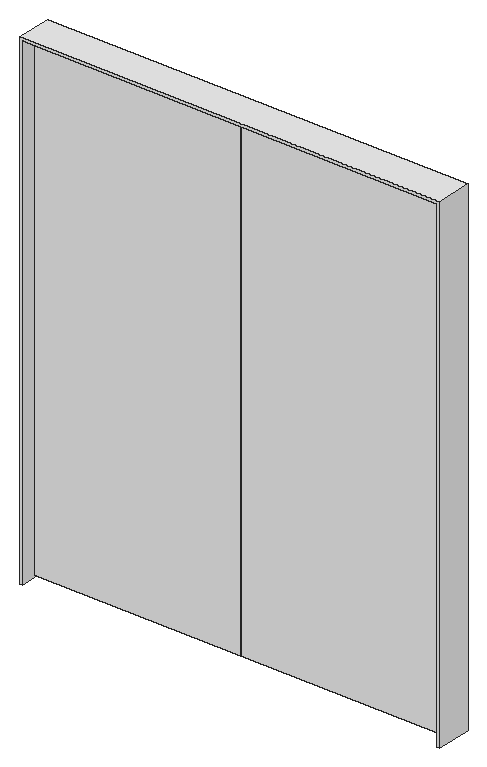
Revit family "Sliding Double Flush", category Doors, host Wall, Revit 2015
Parameters (values of type "18x21M")
  Wall Thickness [instance] = 150 mm
  URL = ""
  Thickness = 50 mm
  Rough Width = 1800 mm
  Rough Height = 2100 mm
  Panel Width = (Rough Width / 2) - Frame Width  # 888 mm
  Offset [instance] = 10 mm
  Module Width = Rough Width / 100 mm  # 18
  Module Height = Rough Height / 100 mm  # 21
  Material Frame = none
  Material Panel = none
  Height [instance] = Rough Height  # 2100 mm
  Wall Closure = By host
  Width [instance] = Rough Width  # 1800 mm
  Function = Interior
  Frame Width = 12 mm
  Fire Rating = "-"
  DoorBasalOpening = ""
  Assembly Code = ""
  Analytic Construction = "<None>"
Reference planes
  plane 1 "Center (Front/Back)": y = -1.032
  plane 2 "Center (Left/Right)": x = 0
  plane 3 "Left": x = -900
  plane 4 "Right": x = 900
  plane 5 "Exterior": y = 73.968
  plane 6 "Interior": y = -76.032
  plane 7 "Bottom Panel": z = 10
  plane 8: z = 2100
  plane 9 "Center Panel": y = 8.968
  plane 10: x = -1788
  plane 11: x = -1800
  plane 12: z = 1050
  plane 13: x = 1788
  plane 14: x = 1800
Forms (mm)
  Sweep 1, solid, material <- "Material Frame"
    path in 3D
      loop
        line (900, 73.968, 0) -> (900, 73.968, 2100) -> (-900, 73.968, 2100) -> (-900, 73.968, 0)
    profile origin (-900, 73.968, 1050) x (1, 0, 0) y (0, 1, 0)
      loop
        line (0, 0) -> (0, -150) -> (12, -150) -> (12, 0) -> (0, 0)
  Extrusion 2, solid, material <- "Material Panel"
    sketch origin (0, 8.968, 0) x (-1, 0, 0) y (0, 0, 1)
      loop
        line (0, 10) -> (888, 10) -> (888, 2088) -> (0, 2088) -> (0, 10)
    from 25 to -25
  Extrusion 3, solid, material <- "Material Panel"
    sketch origin (0, 8.968, 0) x (-1, 0, 0) y (0, 0, 1)
      loop
        line (-888, 10) -> (0, 10) -> (0, 2088) -> (-888, 2088) -> (-888, 10)
    from 25 to -25
Lines and regions (mm)
  Opening 1
    outline origin (-3050, -76.032, 0) x (1, 0, 0) y (0, 0, 1)
      loop
        line (2150, 0) -> (3950, 0) -> (3950, 2100) -> (2150, 2100) -> (2150, 0)
  Masking region 1, detail levels medium+fine
    outline origin (0, 0, 0) x (1, 0, 0) y (0, 1, 0)
      loop
        line (-1344, -16.032) -> (-456, -16.032) -> (-456, 33.968) -> (-1344, 33.968) -> (-1344, -16.032)
  Masking region 2, detail levels medium+fine
    outline origin (0, 0, 0) x (1, 0, 0) y (0, 1, 0)
      loop
        line (456, 33.968) -> (456, -16.032) -> (1344, -16.032) -> (1344, 33.968) -> (456, 33.968)
  model lines, style "DoorsPanelProjection", detail levels medium+fine
    curve 1: line (70, 33.968, 1040) -> (70, 33.968, 950)
    curve 2: line (40, 33.968, 1040) -> (70, 33.968, 1040)
    curve 3: line (40, 33.968, 950) -> (40, 33.968, 1040)
    curve 4: line (70, 33.968, 950) -> (40, 33.968, 950)
    curve 5: line (40, -16.032, 1040) -> (70, -16.032, 1040)
    curve 6: line (70, -16.032, 1040) -> (70, -16.032, 950)
    curve 7: line (70, -16.032, 950) -> (40, -16.032, 950)
    curve 8: line (40, -16.032, 950) -> (40, -16.032, 1040)
    curve 29: line (-70, 33.968, 1040) -> (-70, 33.968, 950)
    curve 30: line (-40, 33.968, 1040) -> (-70, 33.968, 1040)
    curve 31: line (-40, 33.968, 950) -> (-40, 33.968, 1040)
    curve 32: line (-70, 33.968, 950) -> (-40, 33.968, 950)
    curve 33: line (-40, -16.032, 1040) -> (-70, -16.032, 1040)
    curve 34: line (-70, -16.032, 1040) -> (-70, -16.032, 950)
    curve 35: line (-70, -16.032, 950) -> (-40, -16.032, 950)
    curve 36: line (-40, -16.032, 950) -> (-40, -16.032, 1040)
  symbolic lines, style "DoorsPanelProjection", detail levels coarse
    curve 9: line (-456, 8.968, 0) -> (-1344, 8.968, 0)
    curve 37: line (456, 8.968, 0) -> (1344, 8.968, 0)
  sketch lines
    curve 10: line (-900, 73.968, 2100) -> (-900, 73.968, 0)
    curve 11: line (900, 73.968, 2100) -> (-900, 73.968, 2100)
    curve 12: line (900, 73.968, 0) -> (900, 73.968, 2100)
  symbolic lines, style "Plan Swing"
    curve 13: line (-800, 108.968, 0) -> (-456, 108.968, 0)
    curve 38: line (800, 108.968, 0) -> (456, 108.968, 0)
    curve 39: line (456, 108.968, 0) -> (564.757, 159.682, 0)
    curve 42: line (-456, 108.968, 0) -> (-564.757, 159.682, 0)
  symbolic lines, style "DoorsFrameMullionProjection", detail levels fine
    curve 14: line (-1788, 73.968, 0) -> (-1788, -76.032, 0)
    curve 15: line (-1800, 73.968, 0) -> (-1800, -76.032, 0)
    curve 16: line (-900, 73.968, 0) -> (-888, 73.968, 0)
    curve 17: line (-900, -76.032, 0) -> (-900, 73.968, 0)
    curve 18: line (-888, -76.032, 0) -> (-900, -76.032, 0)
    curve 19: line (-888, 73.968, 0) -> (-888, -76.032, 0)
    curve 20: line (888, 73.968, 0) -> (900, 73.968, 0)
    curve 21: line (888, -76.032, 0) -> (888, 73.968, 0)
    curve 22: line (900, -76.032, 0) -> (888, -76.032, 0)
    curve 23: line (900, 73.968, 0) -> (900, -76.032, 0)
    curve 40: line (1788, 73.968, 0) -> (1788, -76.032, 0)
    curve 41: line (1800, 73.968, 0) -> (1800, -76.032, 0)
  symbolic lines, style "Elevation Swing"
    curve 24: line (900, 8.968, 1050) -> (-900, 8.968, 1050)
    curve 25: line (-900, 8.968, 1050) -> (-726.795, 8.968, 1150)
    curve 26: line (-900, 8.968, 1050) -> (-726.795, 8.968, 950)
    curve 27: line (900, 8.968, 1050) -> (726.795, 8.968, 1150)
    curve 28: line (900, 8.968, 1050) -> (726.795, 8.968, 950)
Text (mm)
  text "Exterior" at (-2295.016, 1099.543, 0), in view "Ref. Level"
  text "Exterior" at (0, 1615.38, 3698.081), in view "Left"
  text "Exterior" at (0, 1036.032, 3874.932), in view "Right"
Dimensions and locks
  equal spacing: plane 3 "Left", plane 2 "Center (Left/Right)", plane 4 "Right"
  "Rough Width": plane 3 "Left" to plane 4 "Right"
  "Rough Height": level to plane 8
  locked: plane 5 "Exterior" to host wall at 0
  locked: plane 6 "Interior" to host wall
  locked: host wall to plane 7 "Bottom Panel" at 10
  "Offset": plane 1 "Center (Front/Back)" to plane 9 "Center Panel"
  "Frame Width": plane 3 "Left" to Sweep 1 sketch curve
  "Wall Thickness": host wall to host wall
  "Panel Width": plane 10 to plane 3 "Left"
  "Frame Width": plane 11 to plane 10
  equal spacing: level, plane 12, plane 8
  equal spacing: Extrusion 2, plane 9 "Center Panel", Extrusion 2
  "Thickness": Extrusion 2 to Extrusion 2
  equal spacing: Masking region 1 sketch curve, plane 3 "Left", Masking region 1 sketch curve
  "Panel Width": Masking region 1 sketch curve to Masking region 1 sketch curve
  equal spacing: Extrusion 3, plane 9 "Center Panel", Extrusion 3
  "Thickness": Extrusion 3 to Extrusion 3
  equal spacing: Masking region 2 sketch curve, plane 4 "Right", Masking region 2 sketch curve
  "Panel Width": Masking region 2 sketch curve to Masking region 2 sketch curve
  locked: curve 13 to Extrusion 2 at 75
  locked: plane 3 "Left" to curve 13 at 100
  locked: curve 38 to plane 4 "Right" at 100
  locked: curve 38 to Extrusion 3 at 75
  "Frame Width": plane 14 to plane 13
  "Panel Width": plane 4 "Right" to plane 13
  locked: curve 38 to curve 39 (angle 25.00°)
  locked: curve 42 to curve 13 (angle 25.00°)
  aligned and locked: plane 3 "Left" to Opening 1 sketch curve
  aligned and locked: Opening 1 sketch curve to plane 4 "Right"
  aligned and locked: Opening 1 sketch curve to level
  aligned and locked: plane 1 "Center (Front/Back)" to host wall
  aligned and locked: curve 5 to curve 2
  aligned and locked: curve 6 to curve 1
  aligned and locked: Opening 1 sketch curve to plane 8
  aligned and locked: plane 9 "Center Panel" to curve 9
  aligned and locked: Masking region 1 to curve 9  (x2)
  aligned and locked: Sweep 1 sketch curve to plane 6 "Interior"
  aligned and locked: Sweep 1 sketch curve to plane 3 "Left"
  aligned and locked: plane 5 "Exterior" to Sweep 1 sketch curve
  aligned and locked: curve 15 to plane 11
  aligned and locked: host wall to curve 15  (x2)
  aligned and locked: host wall to curve 14  (x2)
  aligned and locked: curve 17 to plane 3 "Left"
  aligned and locked: plane 5 "Exterior" to curve 16
  aligned and locked: curve 19 to Sweep 1
  aligned and locked: curve 18 to plane 6 "Interior"
  aligned and locked: plane 4 "Right" to curve 23
  aligned and locked: plane 5 "Exterior" to curve 20
  aligned and locked: curve 22 to plane 6 "Interior"
  aligned and locked: curve 21 to Sweep 1
  aligned and locked: Sweep 1 to Extrusion 2 sketch curve
  aligned and locked: Extrusion 2 sketch curve to Sweep 1
  aligned and locked: Extrusion 2 sketch curve to plane 7 "Bottom Panel"
  aligned and locked: Sweep 1 to Extrusion 3 sketch curve
  aligned and locked: Extrusion 3 sketch curve to Sweep 1
  aligned and locked: Extrusion 3 sketch curve to plane 2 "Center (Left/Right)"
  aligned and locked: Extrusion 3 sketch curve to plane 7 "Bottom Panel"
  aligned and locked: plane 2 "Center (Left/Right)" to Extrusion 2
  aligned and locked: curve 30 to curve 33
  aligned and locked: Extrusion 2 to Masking region 1
  aligned and locked: Masking region 1 to Extrusion 2
  aligned and locked: Masking region 2 to Extrusion 3
  aligned and locked: Extrusion 3 to Masking region 2
  aligned and locked: Masking region 2 to curve 37  (x2)
  aligned and locked: plane 14 to curve 41
  aligned and locked: curve 37 to curve 38
  aligned and locked: curve 13 to curve 9
Automatic sketch dimensions
  plane 4 "Right" to curve 28 = 0 mm
  plane 3 "Left" to curve 24 = 0 mm
  curve 24 to plane 12 = 0 mm
  plane 4 "Right" to curve 27 = 173.205 mm
  plane 4 "Right" to curve 28 = 173.205 mm
  curve 25 to plane 3 "Left" = 173.205 mm
  curve 26 to plane 3 "Left" = 173.205 mm
  curve 28 to plane 12 = 100 mm
  curve 26 to plane 12 = 100 mm
  plane 12 to curve 27 = 100 mm
  plane 12 to curve 25 = 100 mm
  Extrusion 2 sketch curve to plane 2 "Center (Left/Right)" = 0 mm
  curve 31 to Extrusion 2 = 40 mm
  curve 30 to curve 30 = 30 mm
  curve 32 to curve 30 = 90 mm
  Extrusion 2 to curve 36 = 40 mm
  curve 35 to curve 35 = 30 mm
  Extrusion 2 to curve 35 = 940 mm
  curve 34 to curve 34 = 90 mm
  curve 1 to curve 3 = 30 mm
  curve 4 to curve 2 = 90 mm
  Extrusion 3 to curve 5 = 70 mm
  curve 6 to curve 7 = 30 mm
  Extrusion 3 to curve 7 = 940 mm
  curve 6 to curve 6 = 90 mm
  curve 14 to plane 10 = 0 mm
  curve 40 to host wall = 0 mm
  curve 40 to plane 13 = 0 mm
  host wall to curve 40 = 0 mm
  host wall to curve 41 = 0 mm
  curve 37 to plane 9 "Center Panel" = 0 mm
  curve 41 to host wall = 0 mm
  host wall to Masking region 1 sketch curve = 15 mm
  plane 9 "Center Panel" to Masking region 1 sketch curve = 25 mm
  host wall to Masking region 2 sketch curve = 15 mm
  plane 9 "Center Panel" to Masking region 2 sketch curve = 25 mm
